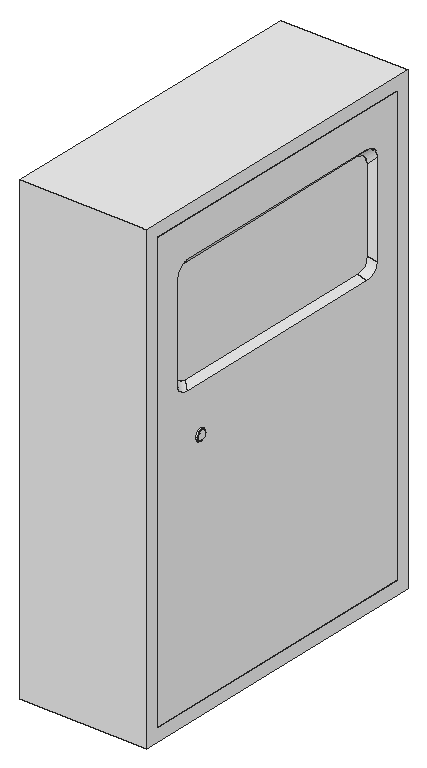
Revit family "DSND0001_REVIT", category Generic Models, Revit 2017
Family settings
  Can host rebar = No
  Round Connector Dimension = Use Diameter
  Part Type = Normal
  Work Plane-Based = Yes
  Always vertical = No
  Cut with Voids When Loaded = No
  Shared = No
  Room Calculation Point = No
Parameters
  Website = "https://dolphy.in/"  # constant formula
  Model = "DSND0001"  # constant formula
  Default Elevation = 1219.2 mm
  Contact number = "+91 9520202035"  # constant formula
  Contact email = "info@dolphy.in"  # constant formula
  Company name = "Dolphy India"  # constant formula
Reference planes
  plane 1 "Center (Front/Back)": y = 0
  plane 2: z = 0
  plane 3 "Center (Left/Right)": x = 0
  plane 4: z = 69.028
  plane 5: z = 69.028
Forms (mm)
  Extrusion 1, solid, material "SATIN FINISH"
    sketch origin (105, 0, 460) x (0, 1, 0) y (0, 0, -1)
      loop
        line (0, 600) -> (-135, 600) -> (-135, 215) -> (135, 215) -> (135, 600) -> (0, 600)
    from 0 to 105
  Sweep 2, void
    path origin (105, 0, 245) x (0, 1, 0) y (0, 0, -1)
      loop
        line (-125, 375) -> (-125, 10) -> (125, 10) -> (125, 375) -> (-125, 375)
    profile origin (105, 0, -130) x (0, 0, -1) y (-1, 0, 0)
      loop
        line (0, 0) -> (0, 0.834) -> (-1.137, 0.834) -> (-1.137, 0) -> (0, 0)
  Blend 3, void
    base sketch origin (245, 0, 0) x (0, 1, 0) y (0, 0, 1)
      loop
        line (-103.647, 193.737) -> (-103.647, 116.713)
        spline (-103.647, 116.713) -> (-103.405, 115.228) -> (-103.052, 113.858) -> (-102.588, 112.603) -> (-102.014, 111.463) -> (-101.328, 110.439) -> (-100.533, 109.53) -> (-99.626, 108.737) -> (-98.609, 108.059) -> (-97.481, 107.496) -> (-96.242, 107.048) -> (-94.893, 106.716) -> (-93.433, 106.499)
        line (-93.433, 106.499) -> (93.338, 106.499)
        spline (93.338, 106.499) -> (94.839, 106.696) -> (96.231, 107.006) -> (97.512, 107.43) -> (98.684, 107.968) -> (99.746, 108.619) -> (100.698, 109.384) -> (101.54, 110.263) -> (102.273, 111.256) -> (102.895, 112.362) -> (103.408, 113.583) -> (103.811, 114.917) -> (104.104, 116.364)
        line (104.104, 116.364) -> (104.104, 194.059)
        spline (104.104, 194.059) -> (103.783, 195.548) -> (103.356, 196.917) -> (102.823, 198.166) -> (102.184, 199.294) -> (101.44, 200.303) -> (100.589, 201.191) -> (99.633, 201.96) -> (98.571, 202.608) -> (97.403, 203.136) -> (96.13, 203.544) -> (94.751, 203.831) -> (93.266, 203.999)
        line (93.266, 203.999) -> (-93.385, 203.999)
        spline (-93.385, 203.999) -> (-94.896, 203.821) -> (-96.288, 203.519) -> (-97.561, 203.095) -> (-98.715, 202.547) -> (-99.749, 201.877) -> (-100.663, 201.083) -> (-101.459, 200.166) -> (-102.135, 199.126) -> (-102.692, 197.964) -> (-103.13, 196.678) -> (-103.448, 195.269) -> (-103.647, 193.737)
    top sketch origin (245, 0, 0) x (0, 1, 0) y (0, 0, 1)
      loop
        spline (-89.318, 198.987) -> (-90.716, 198.8) -> (-91.989, 198.505) -> (-93.139, 198.105) -> (-94.167, 197.604) -> (-95.082, 197.001) -> (-95.889, 196.295) -> (-96.595, 195.482) -> (-97.201, 194.557) -> (-97.71, 193.512) -> (-98.121, 192.343) -> (-98.43, 191.045) -> (-98.635, 189.618)
        line (-98.635, 189.618) -> (-98.635, 120.711)
        spline (-98.635, 120.711) -> (-98.569, 119.368) -> (-98.374, 118.145) -> (-98.055, 117.039) -> (-97.616, 116.045) -> (-97.055, 115.155) -> (-96.368, 114.36) -> (-95.549, 113.653) -> (-94.593, 113.033) -> (-93.492, 112.501) -> (-92.238, 112.06) -> (-90.832, 111.712) -> (-89.274, 111.463)
        line (-89.274, 111.463) -> (89.877, 111.463)
        spline (89.877, 111.463) -> (91.264, 111.657) -> (92.527, 111.958) -> (93.669, 112.361) -> (94.692, 112.864) -> (95.602, 113.467) -> (96.406, 114.172) -> (97.11, 114.982) -> (97.716, 115.902) -> (98.225, 116.939) -> (98.637, 118.099) -> (98.95, 119.385) -> (99.159, 120.798)
        line (99.159, 120.798) -> (99.159, 189.662)
        spline (99.159, 189.662) -> (98.913, 191.16) -> (98.571, 192.514) -> (98.136, 193.727) -> (97.609, 194.804) -> (96.993, 195.749) -> (96.289, 196.566) -> (95.498, 197.259) -> (94.612, 197.833) -> (93.624, 198.293) -> (92.525, 198.641) -> (91.312, 198.874) -> (89.981, 198.987)
        line (89.981, 198.987) -> (-89.318, 198.987)
    from -140 to -144.847
  Blend 4, solid, material "SATIN FINISH"
    base sketch origin (245, 0, 0) x (0, 1, 0) y (0, 0, 1)
      loop
        circle (-80.027, 68.857) r 5
    top sketch origin (245, 0, 0) x (0, 1, 0) y (0, 0, 1)
      loop
        circle (-80.027, 68.857) r 3.525
    from -140 to -138.337
  Revolve 5, void
    sketch origin (245, -80, -0.156) x (-1, 0, 0) y (0, 0, 1)
      loop
        line (138.845, 73.781) -> (136.367, 73.781) -> (136.367, 72.757) -> (138.845, 72.757) -> (138.845, 73.781)
      axis (138.845, 69.028) -> (136.367, 69.028)
    angle from 0 to 360
Cuts and joins
  Sweep 2, Blend 3 cuts Extrusion 1
  Revolve 5 cuts Blend 4
  joined: Extrusion 1, Blend 4
Dimensions and locks
  aligned and locked: level to plane 2
